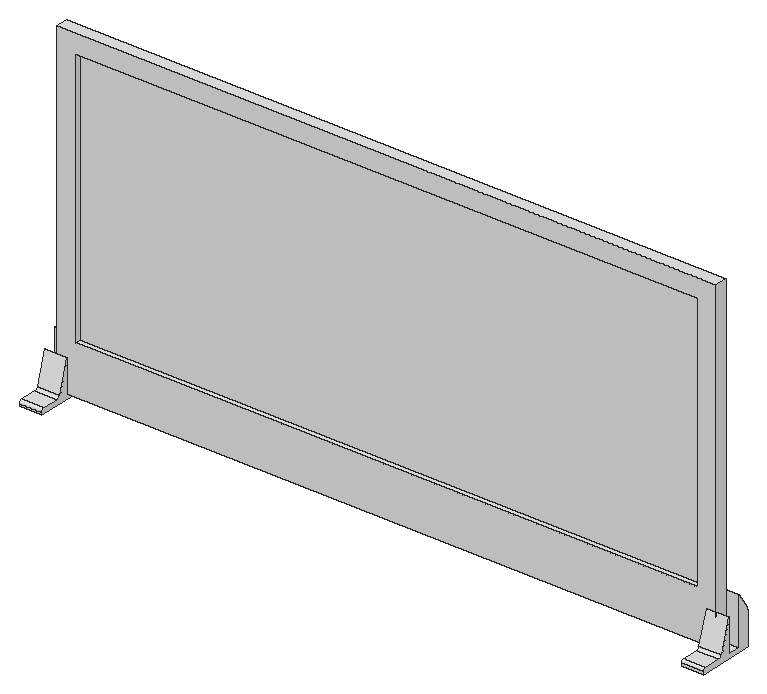
Revit family "Light_Shelf-Linear-Kawneer-InLighten", category Specialty Equipment, host Face, Revit 2015 (continued)
Definition of nested family "Shelf-Kawneer-16mm_Multi-Layer-Extruded-Polycarbonate-Sheet"
  Lines and regions (in)
    model lines, visible <- "CTRL Panel Visibility", detail levels fine
      curve 44: line (13.228, -0.54492, 27.9155) -> (14.875, -0.54492, 29.5625)
    model lines, detail levels coarse
      curve 49: line (14.875, 0.54492, 0) -> (-14.875, 0.54492, 0)
      curve 50: line (14.875, -0.54492, 0) -> (14.875, 0.54492, 0)
      curve 51: line (-14.875, -0.54492, 0) -> (14.875, -0.54492, 0)
      curve 52: line (-14.875, 0.54492, 0) -> (-14.875, -0.54492, 0)
      curve 53: line (14.875, 0.54492, 29.5625) -> (-14.875, 0.54492, 29.5625)
      curve 54: line (14.875, -0.54492, 29.5625) -> (14.875, 0.54492, 29.5625)
      curve 55: line (-14.875, -0.54492, 29.5625) -> (14.875, -0.54492, 29.5625)
      curve 56: line (-14.875, 0.54492, 29.5625) -> (-14.875, -0.54492, 29.5625)
      curve 57: line (13.228, 0.31445, 4.4472) -> (-13.228, 0.31445, 4.4472)
      curve 58: line (13.228, -0.31445, 4.4472) -> (13.228, 0.31445, 4.4472)
      curve 59: line (-13.228, -0.31445, 4.4472) -> (13.228, -0.31445, 4.4472)
      curve 60: line (-13.228, 0.31445, 4.4472) -> (-13.228, -0.31445, 4.4472)
      curve 61: line (13.228, 0.31445, 27.9155) -> (-13.228, 0.31445, 27.9155)
      curve 62: line (13.228, -0.31445, 27.9155) -> (13.228, 0.31445, 27.9155)
      curve 63: line (-13.228, -0.31445, 27.9155) -> (13.228, -0.31445, 27.9155)
      curve 64: line (-13.228, 0.31445, 27.9155) -> (-13.228, -0.31445, 27.9155)
    symbolic lines, detail levels medium+fine
      curve 65: line (-13.228, 0.54492, 0) -> (-13.228, 0.54492, 27.9155)
      curve 66: line (-13.228, 0.54492, 27.9155) -> (13.228, 0.54492, 27.9155)
      curve 67: line (13.228, 0.54492, 27.9155) -> (13.228, 0.54492, 0)
      curve 68: line (-13.228, 0.54492, 4.4472) -> (13.228, 0.54492, 4.4472)
  Dimensions and locks (in)
    equal spacing: plane 4 "Left 1", plane 3 "Center (Left/Right)", plane 5 "Right 1"
    equal spacing: plane 6 "Front", plane 1 "Center (Front/Back)", plane 7 "Back"  (x2)
    "CTRL Height": plane 8 "Top" to plane 2 "Original Bottom"
    "Thickness": plane 6 "Front" to plane 7 "Back"
    "Shelf Thickness": plane 14 "Front of Shelf" to plane 15 "Back of Shelf"
    equal spacing: plane 14 "Front of Shelf", plane 1 "Center (Front/Back)", plane 15 "Back of Shelf"
    locked: plane 11 "Front of Hinge" to plane 2 "Original Bottom" at 4.4472
    locked: plane 8 "Top" to plane 10 "Back of Fascia" at 1.647
    locked: plane 5 "Right 1" to plane 12 "Left of Right Outrigger" at 1.647
    locked: plane 4 "Left 1" to plane 13 "Right of Left Outrigger" at 1.647
    locked: plane 17 "Right" to plane 5 "Right 1" at 0.125
    locked: plane 16 "Left" to plane 4 "Left 1" at 0.125
    "CTRL Width": plane 4 "Left 1" to plane 5 "Right 1"
    aligned and locked: curve 1 to Masking region 1
    aligned and locked: curve 2 to Masking region 1
    aligned and locked: curve 3 to Masking region 1
    aligned and locked: curve 4 to Masking region 1
    aligned and locked: curve 5 to curve 1
    aligned and locked: curve 6 to curve 2
    aligned and locked: curve 7 to curve 3
    aligned and locked: curve 8 to curve 4
    aligned and locked: plane 1 "Center (Front/Back)" to curve 9
    aligned and locked: plane 5 "Right 1" to Masking region 2 sketch curve
    aligned and locked: plane 4 "Left 1" to Masking region 2 sketch curve
    aligned and locked: Masking region 2 sketch curve to plane 7 "Back"
    aligned and locked: Masking region 2 sketch curve to plane 6 "Front"
    aligned and locked: plane 5 "Right 1" to Masking region 3 sketch curve
    aligned and locked: plane 4 "Left 1" to Masking region 3 sketch curve
    aligned and locked: plane 8 "Top" to Masking region 3 sketch curve
    aligned and locked: Masking region 3 sketch curve to plane 2 "Original Bottom"
    aligned and locked: plane 8 "Top" to curve 14
    aligned and locked: plane 8 "Top" to Extrusion 1 sketch curve
    aligned and locked: plane 5 "Right 1" to Extrusion 1 sketch curve
    aligned and locked: plane 12 "Left of Right Outrigger" to Extrusion 1 sketch curve
    aligned and locked: Extrusion 1 sketch curve to plane 11 "Front of Hinge"
    aligned and locked: Extrusion 1 sketch curve to plane 13 "Right of Left Outrigger"
    aligned and locked: plane 10 "Back of Fascia" to Extrusion 1 sketch curve
    aligned and locked: plane 4 "Left 1" to Extrusion 1 sketch curve
    aligned and locked: Extrusion 1 sketch curve to plane 2 "Original Bottom"
    aligned and locked: Extrusion 1 to plane 6 "Front"
    aligned and locked: Extrusion 1 to plane 7 "Back"
    aligned and locked: plane 10 "Back of Fascia" to Extrusion 2 sketch curve
    aligned and locked: plane 12 "Left of Right Outrigger" to Extrusion 2 sketch curve
    aligned and locked: Extrusion 2 sketch curve to plane 11 "Front of Hinge"
    aligned and locked: Extrusion 2 sketch curve to plane 13 "Right of Left Outrigger"
    aligned and locked: Extrusion 2 to plane 14 "Front of Shelf"
    aligned and locked: plane 15 "Back of Shelf" to Extrusion 2
    aligned and locked: curve 16 to plane 13 "Right of Left Outrigger"
    aligned and locked: curve 17 to plane 10 "Back of Fascia"
    aligned and locked: curve 18 to plane 11 "Front of Hinge"
    aligned and locked: plane 2 "Original Bottom" to Masking region 4 sketch curve
    aligned and locked: Masking region 4 sketch curve to plane 8 "Top"
    aligned and locked: plane 7 "Back" to Masking region 4 sketch curve
    aligned and locked: plane 6 "Front" to Masking region 4 sketch curve
    aligned and locked: plane 11 "Front of Hinge" to Masking region 5 sketch curve
    aligned and locked: Masking region 5 sketch curve to plane 10 "Back of Fascia"
    aligned and locked: Masking region 5 sketch curve to plane 15 "Back of Shelf"
    aligned and locked: plane 14 "Front of Shelf" to Masking region 5 sketch curve
    aligned and locked: curve 20 to plane 11 "Front of Hinge"
    aligned and locked: curve 19 to plane 10 "Back of Fascia"
    aligned and locked: curve 24 to plane 12 "Left of Right Outrigger"
    aligned and locked: curve 22 to plane 12 "Left of Right Outrigger"
    aligned and locked: curve 21 to plane 13 "Right of Left Outrigger"
    aligned and locked: plane 8 "Top" to curve 25
    aligned and locked: plane 5 "Right 1" to curve 26
    aligned and locked: plane 4 "Left 1" to curve 28
    aligned and locked: curve 27 to plane 2 "Original Bottom"
    aligned and locked: plane 8 "Top" to curve 29
    aligned and locked: curve 31 to plane 2 "Original Bottom"
    aligned and locked: plane 5 "Right 1" to curve 30
    aligned and locked: plane 4 "Left 1" to curve 32
    aligned and locked: plane 10 "Back of Fascia" to curve 33
    aligned and locked: curve 35 to plane 11 "Front of Hinge"
    aligned and locked: plane 12 "Left of Right Outrigger" to curve 34
    aligned and locked: curve 36 to plane 13 "Right of Left Outrigger"
    aligned and locked: plane 10 "Back of Fascia" to curve 37
    aligned and locked: plane 12 "Left of Right Outrigger" to curve 38
    aligned and locked: curve 39 to plane 11 "Front of Hinge"
    aligned and locked: curve 40 to plane 13 "Right of Left Outrigger"
    aligned and locked: plane 4 "Left 1" to curve 52
    aligned and locked: plane 5 "Right 1" to curve 50
    aligned and locked: curve 51 to plane 6 "Front"
    aligned and locked: curve 49 to plane 7 "Back"
    aligned and locked: plane 4 "Left 1" to curve 56
    aligned and locked: plane 5 "Right 1" to curve 54
    aligned and locked: curve 53 to plane 7 "Back"
    aligned and locked: curve 55 to plane 6 "Front"
    aligned and locked: plane 12 "Left of Right Outrigger" to curve 58
    aligned and locked: curve 60 to plane 13 "Right of Left Outrigger"
    aligned and locked: curve 59 to plane 14 "Front of Shelf"
    aligned and locked: plane 15 "Back of Shelf" to curve 57
    aligned and locked: plane 12 "Left of Right Outrigger" to curve 62
    aligned and locked: curve 64 to plane 13 "Right of Left Outrigger"
    aligned and locked: plane 15 "Back of Shelf" to curve 61
    aligned and locked: curve 63 to plane 14 "Front of Shelf"
    aligned and locked: plane 13 "Right of Left Outrigger" to curve 65
    aligned and locked: curve 66 to curve 33
    aligned and locked: curve 68 to curve 35
  Automatic sketch dimensions
    curve 9 to plane 4 "Left 1" = 0' - 0"
    curve 9 to plane 5 "Right 1" = 0' - 0"
    Masking region 1 sketch curve to plane 6 "Front" = 0' - 0"
    Masking region 1 sketch curve to level = 0' - 0"
    Masking region 1 sketch curve to plane 7 "Back" = 0' - 0"
    Masking region 1 sketch curve to plane 8 "Top" = 0' - 0"
    curve 19 to plane 7 "Back" = 0' - 0"
    curve 20 to plane 7 "Back" = 0' - 0"
    curve 20 to plane 6 "Front" = 0' - 0"
    curve 19 to plane 6 "Front" = 0' - 0"
    curve 14 to plane 8 "Top" = 0' - 0"
    curve 14 to plane 12 "Left of Right Outrigger" = 0' - 0"
    curve 14 to plane 13 "Right of Left Outrigger" = 0' - 0"
Types (4): name | Type Comments | Top Finish | Panel Type | Panel Finish
  (no name) | "Light Shelf 4mm Reynobond ACM Panel with a Maximum of 22 Anchors" | Aluminum Composite - Kawneer - Bone White | Shelf-Kawneer-4mm_Reynobond-ACM Panel : 4 mm | Aluminum Composite - Kawneer - Bone White
  16mm Multi-Layer-Extruded-Polycarbonate-Sheet  16 mm | "Light Shelf Multi Layer Extruded Polycarbonate  16 mm with a Maximum of 22 Anchors" | Polycarbonate - Kawneer - 16 mm - Ice | Shelf-Kawneer-16mm_Multi-Layer-Extruded-Polycarbonate-Sheet : 16 mm | Polycarbonate - Kawneer - 16 mm - Ice
  4mm Reynobond-ACM Panel  4 mm | "Light Shelf 4mm Reynobond ACM Panel with a Maximum of 22 Anchors" | Aluminum Composite - Kawneer - Bone White | Shelf-Kawneer-4mm_Reynobond-ACM Panel : 4 mm | Aluminum Composite - Kawneer - Bone White
  4mm Monolithic-Polycarbonate-Sheet  4 mm | "Light Shelf 4mm Monolithic Polycarbonate with a Maximum of 22 Anchors" | Polycarbonate - Kawneer - 4 mm - Ice | Shelf-Kawneer-4mm_Monolithic-Polycarbonate-Sheet : 4 mm | Polycarbonate - Kawneer - 4 mm - Ice
